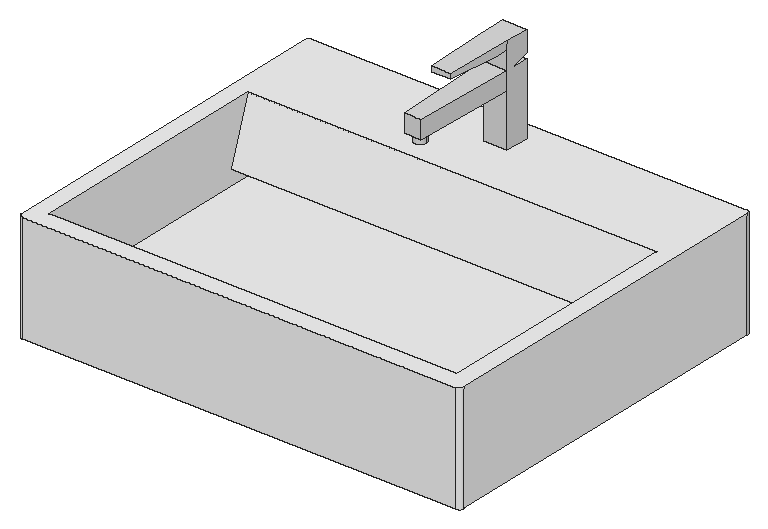
Revit family "RYN_PLU_WashBasin_Rect", category Plumbing Fixtures, Revit 2025
Family settings
  Round Connector Dimension = Use Diameter
  Part Type = Normal
  Work Plane-Based = No
  Enable Cutting in Views = No
  Always vertical = Yes
  Cut with Voids When Loaded = No
  Maintain Annotation Orientation = No
  Shared = No
  Room Calculation Point = No
Parameters
  Default Elevation = 0 mm
  Assembly Code = ""
Reference planes
  plane 1 "Center (Front/Back)": y = 0
  plane 2: z = 0
  plane 3 "Center (Left/Right)": x = 0
Forms (mm)
  Extrusion 1, solid, material "Porceline White"
    sketch origin (0, 0, 0) x (1, 0, 0) y (0, 1, 0)
      loop
        arc (-273.277, 228.5) -> (-277.324, 226.824) -> (-279, 222.777) r 5.723
        line (-279, 222.777) -> (-279, -222.777)
        arc (-279, -222.777) -> (-277.324, -226.824) -> (-273.277, -228.5) r 5.723
        line (-273.277, -228.5) -> (273.277, -228.5)
        arc (273.277, -228.5) -> (277.324, -226.824) -> (279, -222.777) r 5.723
        line (279, -222.777) -> (279, 222.777)
        arc (279, 222.777) -> (277.324, 226.824) -> (273.277, 228.5) r 5.723
        line (273.277, 228.5) -> (-273.277, 228.5)
    from 0 to 137
  Extrusion 2, void
    sketch origin (0, 0, 0) x (0, 1, 0) y (0, 0, 1)
      loop
        line (-207, 137) -> (-111.825, 41.825) -> (119.638, 41.825) -> (119.638, 61.825) -> (79.638, 61.825) -> (107, 137) -> (-207, 137)
    from -257.5 to 257.5
  Extrusion 3, solid, material "Polished Steel"
    sketch origin (0, 0, 117) x (1, 0, 0) y (0, 1, 0)
      loop
        line (-15, 205) -> (-15, 175) -> (15, 175) -> (15, 205) -> (-15, 205)
    from 20 to 110
  Extrusion 4, solid, material "Polished Steel"
    sketch origin (0, 0, 217) x (1, 0, 0) y (0, 1, 0)
      loop
        line (-15, 205) -> (-15, 175) -> (-10.463, 45.079) -> (10.463, 45.079) -> (15, 175) -> (15, 205) -> (-15, 205)
    from -12.538 to 10
  Extrusion 5, solid, material "Polished Steel"
    sketch origin (0, 0, 194.462) x (1, 0, 0) y (0, 1, 0)
      loop
        circle (0, 56.836) r 7.501
    from 0 to 10
  Extrusion 6, solid, material "Polished Steel"
    sketch origin (0, 0, 250) x (1, 0, 0) y (0, 1, 0)
      loop
        line (-15, 205) -> (-15, 175) -> (-12.034, 90.052) -> (12.034, 90.052) -> (15, 175) -> (15, 205) -> (-15, 205)
    from 0 to 10
  Extrusion 7, solid, material "Polished Steel"
    sketch origin (0, 0, 227) x (1, 0, 0) y (0, 1, 0)
      loop
        line (-15, 205) -> (-15, 175) -> (15, 175) -> (15, 205) -> (-15, 205)
    from 0 to 23
  Extrusion 8, void
    sketch origin (0, 0, -20) x (0, 1, 0) y (0, 0, 1)
      loop
        line (205, 253.608) -> (180.338, 247) -> (205, 247) -> (205, 253.608)
    from -15 to 15
  Extrusion 9, void
    sketch origin (0, 0, -20) x (0, 1, 0) y (0, 0, 1)
      loop
        line (160, 270) -> (90.052, 273.666) -> (90.052, 270) -> (160, 270)
    from -15 to 15
Cuts and joins
  Extrusion 2 cuts Extrusion 1
  Extrusion 8 cuts Extrusion 3
  Extrusion 8 cuts Extrusion 4
  Extrusion 8 cuts Extrusion 5
  Extrusion 9 cuts Extrusion 6
  Extrusion 8 cuts Extrusion 7
  joined: Extrusion 3, Extrusion 4, Extrusion 5, Extrusion 6, Extrusion 7
